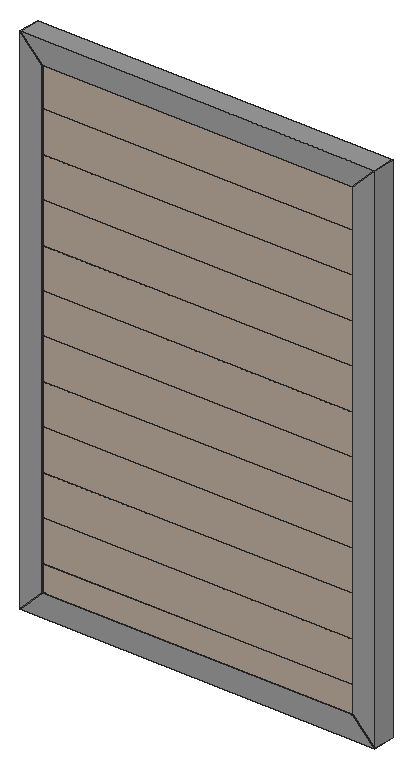
Revit family "Composite_Plank_Solid_Panel", category Specialty Equipment, Revit 2026
Family settings
  Round Connector Dimension = Use Diameter
  Part Type = Normal
  Classification Number = 23.55.00.00
  Work Plane-Based = No
  Enable Cutting in Views = No
  Always vertical = No
  Cut with Voids When Loaded = No
  Maintain Annotation Orientation = No
  Shared = No
  Room Calculation Point = No
Parameters (values of type "Assembly")
  Width [instance] = if(Desired Overall Width < C Min Width, C Min Width, if(Desired Overall Width > C Max Width, C Max Width, Desired Overall Width))  # 4' - 0"
  Warranty URL = "https://palmshieldlouvers.com/wp-content/uploads/2020/01/PalmSHIELD-Warranty-NO-SIGN-LINE.pdf"
  Version = "2020 - v1.0a"  # constant formula
  URL = "https://palmshieldlouvers.com/"
  Product Page URL = "https://palmshieldlouvers.com/products/augustus-solid/"
  Product Documentation Link = "https://palmshieldlouvers.com/wp-content/uploads/2020/05/PalmSHIELD-Solid-Composite-Technical-Data-Sheet.pdf"
  Offset From Surface = 0' - 2"  # constant formula
  Model = "Augustus - Composite"  # constant formula
  Material = Metal - PalmSHIELD - Dusty Grey
  Manufacturer Phone Number = "531-329-4406 "  # constant formula
  Manufacturer Email = "mailto: info@palmshieldlouvers.com"
  Manufacturer Address = "12330 Cary Circle, La Vista, NE 68128"  # constant formula
  Manufacturer = "PalmSHIELD"  # constant formula
  Louver Finish = Metal - PalmSHIELD - Grey Beige
  Keynote = "05 10 00"
  Instruction Sheet Link = "https://palmshieldlouvers.com/wp-content/uploads/2020/01/PalmSHIELD-Post-Panel-Gate-Installation-Instructions-REV-1.pdf"
  ID [instance] = "Not Assigned"
  Height [instance] = if(Desired Overall Height < C Min Height, C Min Height, if(Desired Overall Height > C Max Height, C Max Height, Desired Overall Height))  # 6' - 0"
  Desired Overall Width [instance] = 4' - 0"
  Desired Overall Height [instance] = 6' - 0"
  Desired Bottom Angle [instance] = 0.00°
  Description = "Augustus - Composite - Panel Assembly"  # constant formula
  Default Elevation = 0' - 0"
  Copyright = "Copyright ©2024 The American Fence Company and PalmSHIELD. All Rights Reserved."  # constant formula
  Component Vis [instance] = yes
  Component Name [instance] = "Augustus - Composite - Panel Assembly"  # constant formula
  C Min Width [instance] = 4' - 0"  # constant formula
  C Min Height [instance] = C Min Width  # 4' - 0"
  C Max Width [instance] = 6' - 0"  # constant formula
  C Max Height [instance] = 8' - 0"  # constant formula
  C Angle [instance] = if(Desired Bottom Angle > 10.00°, 10.00°, if(Desired Bottom Angle < -10.00°, -10.00°, Desired Bottom Angle))  # 0.00°
  Assembly Code = "F1020100"
Reference planes (in)
  plane 1 "Center (Front/Back)": y = 0
  plane 2: z = 0
  plane 3 "Center (Left/Right)": x = 0
  plane 4: z = 72
  plane 5: x = 48
  plane 6: y = 3
  plane 7: y = 1.5
Lines and regions (in)
  reference lines
    curve 1: line (48, 0, 96.95698) -> (48, 0, -11)
    curve 2: line (-20.8931, 0, 72) -> (71.1069, 0, 72)
Dimensions and locks (in)
  "Desired Overall Height": curve 2 to level
  "Desired Overall Width": curve 1 to plane 3 "Center (Left/Right)"
  "Height": plane 4 to level
  "Width": plane 5 to plane 3 "Center (Left/Right)"
  equal spacing: plane 1 "Center (Front/Back)", plane 7, plane 6
  aligned and locked: plane 2 to level
Automatic sketch dimensions
  curve 2 to plane 3 "Center (Left/Right)" = 1' - 8.8931"
  plane 5 to curve 2 = 1' - 11.1069"
  curve 1 to level = 0' - 11"
  plane 4 to curve 1 = 2' - 0.95698"
Nested families (in)
  nested 1: "Screening-Louver-Assembly-Panel-Palmshield-Augustus-Composite" at (0, 0, 0), Desired Overall Height <- "Desired Overall Height", Desired Overall Width <- "Desired Overall Width", ID <- "ID", Component Vis <- "Component Vis", type "Assembly"
    with Width 4' - 0", Louver Length 3' - 8", ID "Not Assigned", Height 6' - 0", Desired Overall Width 4' - 0", Desired Overall Height 6' - 0", Desired Bottom Angle 0.00°, Component Vis yes, Component Name "Tiberius - Composite - Panel Assembly", C Top Post Length 4' - 0", C Straight Corner Angle 45.00°, C Slope Angle Neg 0.00°, C Slope Angle 0.00°, C Side Frame Width 0' - 3", C Side Adjustment 0' - 0", C Rib Thickness Bottom Offset 0' - 0 1/4", C Rib Bottom Side Offset 0' - 0", C Louver Offset 0' - 3", C Louver Count 12, C Infill Angle Width Right 0' - 0", C Infill Angle Width Left 0' - 1", C Infill Angle Offset 0' - 0 1/4", C Hip 4' - 0", C Frame Offset 0' - 2", C Corner Offset 0' - 0", C B-Side Post Length 6' - 0", C B-Side Angle 45.00°, C Angle 90.00°, C A-Side Post Length 6' - 0", C A-Side Angle 45.00°
  nested 2: "Nested-L_Frame-Palmshield-Augustus" at (0, 0, 72) x (0, 1, 0) z (1, 0, 0), type "ALUM L 3" X 3" X 1/4""
    with Material Metal - PalmSHIELD - Dusty Grey, Length 5' - 10", ID "Not Assigned", Component Name "Augustus - Aluminum - L Frame", B-Side Cut Angle 45.00°, A-Side Cut Angle 45.00°
  nested 3: "Nested-L_Frame-Palmshield-Augustus" at (48, 0, 2) x (0, 1, 0) z (-1, 0, 0), type "ALUM L 3" X 3" X 1/4""
    with Material Metal - PalmSHIELD - Dusty Grey, Length 5' - 10", ID "Not Assigned", Component Name "Augustus - Aluminum - L Frame", B-Side Cut Angle 45.00°, A-Side Cut Angle 45.00°
  nested 4: "Nested-L_Frame-Palmshield-Augustus" at (48, 0, 72) x (0, 1, 0) z (0, 0, -1), type "ALUM L 3" X 3" X 1/4""
    with Material Metal - PalmSHIELD - Dusty Grey, Length 4' - 0", ID "Not Assigned", Component Name "Augustus - Aluminum - L Frame", B-Side Cut Angle 45.00°, A-Side Cut Angle 45.00°
  nested 5: "Nested-L_Frame-Palmshield-Augustus" at (0, 0, 2) x (0, 1, 0) z (0, 0, 1), type "ALUM L 3" X 3" X 1/4""
    with Material Metal - PalmSHIELD - Dusty Grey, Length 4' - 0", ID "Not Assigned", Component Name "Augustus - Aluminum - L Frame", B-Side Cut Angle 45.00°, A-Side Cut Angle 45.00°
  nested 6: "Nested-Louvers-Palmshield-Augustus-Composite" at (2, 1.19, 14.375) x (0, -1, 0) z (1, 0, 0), type "5 1/2" TREX TRANSCEND INFILL SLATS"
    with Real Height 0' - 5 7/8", Material Metal - PalmSHIELD - Grey Beige, Louver CIP Height 0' - 4 1/8", Length 3' - 8", ID "Not Assigned", Cut In Place no, Component Name "Augustus - Composite - Infill Slat"
  nested 7: "Nested-Louvers-Palmshield-Augustus-Composite" at (2, 1.19, 19.875) x (0, -1, 0) z (1, 0, 0), type "5 1/2" TREX TRANSCEND INFILL SLATS"
    with Real Height 0' - 5 7/8", Material Metal - PalmSHIELD - Grey Beige, Louver CIP Height 0' - 4 1/8", Length 3' - 8", ID "Not Assigned", Cut In Place no, Component Name "Augustus - Composite - Infill Slat"
  nested 8: "Nested-Louvers-Palmshield-Augustus-Composite" at (2, 1.19, 8.875) x (0, -1, 0) z (1, 0, 0), type "5 1/2" TREX TRANSCEND INFILL SLATS"
    with Real Height 0' - 5 7/8", Material Metal - PalmSHIELD - Grey Beige, Louver CIP Height 0' - 4 1/8", Length 3' - 8", ID "Not Assigned", Cut In Place no, Component Name "Augustus - Composite - Infill Slat"
  nested 9: "Nested-Louvers-Palmshield-Augustus-Composite" at (2, 1.19, 25.375) x (0, -1, 0) z (1, 0, 0), type "5 1/2" TREX TRANSCEND INFILL SLATS"
    with Real Height 0' - 5 7/8", Material Metal - PalmSHIELD - Grey Beige, Louver CIP Height 0' - 4 1/8", Length 3' - 8", ID "Not Assigned", Cut In Place no, Component Name "Augustus - Composite - Infill Slat"
  nested 10: "Nested-Louvers-Palmshield-Augustus-Composite" at (2, 1.19, 30.875) x (0, -1, 0) z (1, 0, 0), type "5 1/2" TREX TRANSCEND INFILL SLATS"
    with Real Height 0' - 5 7/8", Material Metal - PalmSHIELD - Grey Beige, Louver CIP Height 0' - 4 1/8", Length 3' - 8", ID "Not Assigned", Cut In Place no, Component Name "Augustus - Composite - Infill Slat"
  nested 11: "Nested-Louvers-Palmshield-Augustus-Composite" at (2, 1.19, 36.375) x (0, -1, 0) z (1, 0, 0), type "5 1/2" TREX TRANSCEND INFILL SLATS"
    with Real Height 0' - 5 7/8", Material Metal - PalmSHIELD - Grey Beige, Louver CIP Height 0' - 4 1/8", Length 3' - 8", ID "Not Assigned", Cut In Place no, Component Name "Augustus - Composite - Infill Slat"
  nested 12: "Nested-Louvers-Palmshield-Augustus-Composite" at (2, 1.19, 41.875) x (0, -1, 0) z (1, 0, 0), type "5 1/2" TREX TRANSCEND INFILL SLATS"
    with Real Height 0' - 5 7/8", Material Metal - PalmSHIELD - Grey Beige, Louver CIP Height 0' - 4 1/8", Length 3' - 8", ID "Not Assigned", Cut In Place no, Component Name "Augustus - Composite - Infill Slat"
  nested 13: "Nested-Louvers-Palmshield-Augustus-Composite" at (2, 1.19, 47.375) x (0, -1, 0) z (1, 0, 0), type "5 1/2" TREX TRANSCEND INFILL SLATS"
    with Real Height 0' - 5 7/8", Material Metal - PalmSHIELD - Grey Beige, Louver CIP Height 0' - 4 1/8", Length 3' - 8", ID "Not Assigned", Cut In Place no, Component Name "Augustus - Composite - Infill Slat"
  nested 14: "Nested-Louvers-Palmshield-Augustus-Composite" at (2, 1.19, 52.875) x (0, -1, 0) z (1, 0, 0), type "5 1/2" TREX TRANSCEND INFILL SLATS"
    with Real Height 0' - 5 7/8", Material Metal - PalmSHIELD - Grey Beige, Louver CIP Height 0' - 4 1/8", Length 3' - 8", ID "Not Assigned", Cut In Place no, Component Name "Augustus - Composite - Infill Slat"
  nested 15: "Nested-Louvers-Palmshield-Augustus-Composite" at (2, 1.19, 58.375) x (0, -1, 0) z (1, 0, 0), type "5 1/2" TREX TRANSCEND INFILL SLATS"
    with Real Height 0' - 5 7/8", Material Metal - PalmSHIELD - Grey Beige, Louver CIP Height 0' - 4 1/8", Length 3' - 8", ID "Not Assigned", Cut In Place no, Component Name "Augustus - Composite - Infill Slat"
  nested 16: "Nested-Louvers-Palmshield-Augustus-Composite" at (2, 1.19, 63.875) x (0, -1, 0) z (1, 0, 0), type "5 1/2" TREX TRANSCEND INFILL SLATS"
    with Real Height 0' - 5 7/8", Material Metal - PalmSHIELD - Grey Beige, Louver CIP Height 0' - 4 1/8", Length 3' - 8", ID "Not Assigned", Cut In Place no, Component Name "Augustus - Composite - Infill Slat"
  nested 17: "Nested-Louvers-Palmshield-Augustus-Composite" at (2, 1.19, 69.375) x (0, -1, 0) z (1, 0, 0), type "5 1/2" TREX TRANSCEND INFILL SLATS"
    with Real Height 0' - 5 7/8", Material Metal - PalmSHIELD - Grey Beige, Louver CIP Height 0' - 4 1/8", Length 3' - 8", ID "Not Assigned", Cut In Place no, Component Name "Augustus - Composite - Infill Slat"
  nested 18: "Nested-Flat_Bar_Infill Retainer-Augustus-Aluminum" at (46.75, 1.375, 2.25) x (-1, 0, 0) z (0, 0, 1), type "2" x 1/4""
    with Width 0' - 2", Thickness 0' - 0 1/4", Material Metal - PalmSHIELD - Dusty Grey, Length 5' - 9 1/2", ID "", Component Name "Augustus -Aluminum - Flat Bar Infill Retainer", C Angle B 0.00°, C Angle A 0.00°, A-Side Cut Angle 0.00°
  nested 19: "Nested-Flat_Bar_Infill Retainer-Augustus-Aluminum" at (1.25, 1.375, 2.25), type "2" x 1/4""
    with Width 0' - 2", Thickness 0' - 0 1/4", Material Metal - PalmSHIELD - Dusty Grey, Length 5' - 9 1/2", ID "", Component Name "Augustus -Aluminum - Flat Bar Infill Retainer", C Angle B 0.00°, C Angle A 0.00°, A-Side Cut Angle 0.00°
Definition of nested family "Nested-L_Frame-Palmshield-Augustus"
  Parameters (values of type "ALUM L 3" X 3" X 1/4"")
    Width = 0' - 3"  # constant formula
    Warranty URL = "https://palmshieldlouvers.com/wp-content/uploads/2020/01/PalmSHIELD-Warranty-NO-SIGN-LINE.pdf"
    Version = "2020 - v1.0a"  # constant formula
    URL = "https://palmshieldlouvers.com/"
    Thickness = 0' - 0 1/4"  # constant formula
    Product Page URL = "https://palmshieldlouvers.com/products/semi-private-screening/"
    Product Documentation Link = "Contact Manufacturer for More Information"
    Model = "Augustus"  # constant formula
    Material [instance] = none
    Manufacturer Phone Number = "531-329-4406 "  # constant formula
    Manufacturer Fax Number = "Consult Manufacturer Website for More Information"  # constant formula
    Manufacturer Email = "mailto: info@palmshieldlouvers.com"
    Manufacturer Address = "12330 Cary Circle, La Vista, NE 68128"  # constant formula
    Manufacturer = "PalmSHIELD"  # constant formula
    Length [instance] = 4' - 4.86713"
    Keynote = "05 10 00"
    Instruction Sheet Link = "Contact Manufacturer for More Information"
    ID [instance] = ""
    Description = "Augustus - L Frame"  # constant formula
    Default Elevation = 4' - 0"
    Copyright = "Copyright ©2024 The American Fence Company and PalmSHIELD. All Rights Reserved."  # constant formula
    Component Name [instance] = "Augustus - Aluminum - L Frame"  # constant formula
    C Hole Offset = 0' - 1 1/2"  # constant formula
    B-Side Cut Angle [instance] = 45.00°
    Assembly Code = "F1020100"
    A-Side Cut Angle [instance] = 45.00°
  Reference planes (in)
    plane 1 "Center (Front/Back)": y = 0
    plane 2: z = 0
    plane 3 "Center (Left/Right)": x = 0
    plane 4: x = 3
    plane 5: y = -52.86713
    plane 6: z = 3
  Forms (in)
    Extrusion 1, solid
      sketch origin (0, 0, 0) x (1, 0, 0) y (0, 1, 0)
        loop
          line (-48, 48) -> (-48, -48) -> (48, -48) -> (48, 48) -> (-48, 48)
      from 0 to -12
    Sweep 2, solid, material <- "Material"
      path origin (0, 0, 0) x (0, 1, 0) y (0, 0, 1)
        loop
          line (0, 0) -> (-52.86713, 0)
      profile "Profile-Palmshield-L : AL L3" X 3" X 1/4" - 6061-T6" origin (0, -26.43357, 0) x (0, 0, -1) y (1, 0, 0)
        loop
          line (-0.3125, 0.25) -> (-2.875, 0.25)
          arc (-2.875, 0.25) -> (-2.96339, 0.21339) -> (-3, 0.125) r 0.125
          line (-3, 0.125) -> (-3, 0) -> (0, 0) -> (0, 3) -> (-0.125, 3)
          arc (-0.125, 3) -> (-0.21339, 2.96339) -> (-0.25, 2.875) r 0.125
          line (-0.25, 2.875) -> (-0.25, 0.3125)
          arc (-0.25, 0.3125) -> (-0.26831, 0.26831) -> (-0.3125, 0.25) r 0.0625
    Extrusion 3, void
      sketch origin (0, 0, 0) x (0, 1, 0) y (0, 0, 1)
        loop
          line (-3, 3) -> (0, 0) -> (4.7449, 0) -> (4.7449, 3) -> (-3, 3)
        loop
          line (-57.61203, 3) -> (-57.61203, 0) -> (-52.86713, 0) -> (-49.86713, 3) -> (-57.61203, 3)
      from 0 to 3
  Cuts and joins
    Extrusion 3 cuts Sweep 2
  Dimensions and locks (in)
    "Width": plane 3 "Center (Left/Right)" to plane 4
    "Length": plane 1 "Center (Front/Back)" to plane 5
    "Width": plane 6 to plane 2
    locked: Extrusion 3 sketch curve to plane 1 "Center (Front/Back)" at 4.7449
    locked: plane 5 to Extrusion 3 sketch curve at 4.7449
    "B-Side Cut Angle": angle Extrusion 3 sketch curve to plane 1 "Center (Front/Back)"
    "A-Side Cut Angle": angle plane 5 to Extrusion 3 sketch curve
    aligned and locked: plane 2 to Extrusion 1
    aligned and locked: level to Extrusion 1
    aligned and locked: plane 1 "Center (Front/Back)" to Sweep 2 sketch curve
    aligned and locked: plane 5 to Sweep 2 sketch curve
    aligned and locked: Extrusion 3 sketch curve to plane 6
    aligned and locked: level to Extrusion 3 sketch curve
    aligned and locked: plane 6 to Extrusion 3 sketch curve
    aligned and locked: Extrusion 3 sketch curve to plane 2
    aligned and locked: plane 1 "Center (Front/Back)" to Extrusion 3 sketch curve
    aligned and locked: plane 2 to Extrusion 3 sketch curve
    aligned and locked: plane 5 to Extrusion 3 sketch curve
    aligned and locked: Extrusion 3 to plane 3 "Center (Left/Right)"
    aligned and locked: Extrusion 3 to plane 4
  Automatic sketch dimensions
    Extrusion 1 sketch curve to Extrusion 1 sketch curve = 8' - 0"  (x2)
    Sweep 2 sketch curve to level = 0' - 0"
Definition of nested family "Nested-Louvers-Palmshield-Augustus-Composite"
  Parameters (values of type "5 1/2" TREX TRANSCEND INFILL SLATS")
    Width = 0' - 5 1/2"  # constant formula
    Warranty URL = "https://palmshieldlouvers.com/wp-content/uploads/2020/01/PalmSHIELD-Warranty-NO-SIGN-LINE.pdf"
    Version = "2020 - v1.0a"  # constant formula
    URL = "https://palmshieldlouvers.com/"
    Thickness = 0' - 0 15/16"  # constant formula
    Real Height [instance] = if(not(Cut In Place), 0' 5 7/8", Louver CIP Height)  # 0' - 5 7/8"
    Product Page URL = "Contact Manufacturer for More Information"
    Product Documentation Link = "Contact Manufacturer for More Information"
    Model = "Augustus - Composite"  # constant formula
    Material [instance] = none
    Manufacturer Phone Number = "531-329-4406 "  # constant formula
    Manufacturer Fax Number = "Consult Manufacturer Website for More Information"  # constant formula
    Manufacturer Email = "mailto: info@palmshieldlouvers.com"
    Manufacturer Address = "12330 Cary Circle, La Vista, NE 68128"  # constant formula
    Manufacturer = "PalmSHIELD"  # constant formula
    Louver CIP Height [instance] = 0' - 4 1/8"
    Length [instance] = 4' - 4.86713"
    Keynote = "05 10 00"
    ID [instance] = ""
    Description = "Augustus - Composite - Infill Slat"  # constant formula
    Default Elevation = 4' - 0"
    Cut In Place [instance] = no
    Copyright = "©2023 The American Fence Company and PalmSHIELD. All Rights Reserved."  # constant formula
    Component Name [instance] = "Augustus - Composite - Infill Slat"  # constant formula
    Assembly Code = "F1020100"
  Reference planes (in)
    plane 1 "Center (Front/Back)": y = 0
    plane 2: z = 0
    plane 3 "Center (Left/Right)": x = 0
    plane 4: z = 52.86713
    plane 5: y = 5.5
    plane 6: y = 5.875
  Forms (in)
    Extrusion 1, solid
      sketch origin (0, 0, 0) x (1, 0, 0) y (0, 1, 0)
        loop
          line (-48, 48) -> (-48, -48) -> (48, -48) -> (48, 48) -> (-48, 48)
      from 0 to -12
    Sweep 2, solid, material <- "Material"
      path origin (0, 0, 0) x (0, 1, 0) y (0, 0, 1)
        loop
          line (0, 0) -> (0, 52.86713)
      profile "Profile-Palmshield-Louver : TREX TRANSCEND INFILL SLATS" origin (0, 0, 26.43357) x (0, -1, 0) y (1, 0, 0)
        loop
          line (-0.375, 0.94) -> (-5.875, 0.94) -> (-5.875, 0.6575) -> (-5.5, 0.6575) -> (-5.5, 0.2825) -> (-5.875, 0.2825) -> (-5.875, 0) -> (-0.375, 0) -> (-0.375, 0.2825) -> (0, 0.2825) -> (0, 0.6575) -> (-0.375, 0.6575) -> (-0.375, 0.94)
    Extrusion 3, void
      sketch origin (0, 0, 0) x (1, 0, 0) y (0, 1, 0)
        loop
          line (-1.1704, -0.5) -> (2.8296, -0.5) -> (2.8296, 0) -> (-1.1704, 0) -> (-1.1704, -0.5)
      from 0 to 52.86713
  Cuts and joins
    Extrusion 3 cuts Sweep 2
  Dimensions and locks (in)
    "Length": plane 4 to plane 2
    "Width": plane 5 to plane 1 "Center (Front/Back)"
    locked: Extrusion 3 sketch curve to plane 1 "Center (Front/Back)" at 0.5
    "Real Height": Extrusion 3 sketch curve to plane 6
    aligned and locked: plane 2 to Extrusion 1
    aligned and locked: level to Extrusion 1
    aligned and locked: plane 1 "Center (Front/Back)" to Sweep 2 sketch curve
    aligned and locked: plane 4 to Sweep 2 sketch curve
    aligned and locked: Extrusion 3 to Sweep 2
    aligned and locked: Extrusion 3 to level
  Automatic sketch dimensions
    Extrusion 1 sketch curve to Extrusion 1 sketch curve = 8' - 0"  (x2)
    Sweep 2 sketch curve to level = 0' - 0"
    Extrusion 3 sketch curve to plane 3 "Center (Left/Right)" = 0' - 1.1704"
    plane 3 "Center (Left/Right)" to Extrusion 3 sketch curve = 0' - 2.8296"
Definition of nested family "Nested-Flat_Bar_Infill Retainer-Augustus-Aluminum"
  Parameters (values of type "2" x 1/4"")
    Width [instance] = 0' - 2"  # constant formula
    Warranty URL = "https://palmshieldlouvers.com/wp-content/uploads/2020/01/PalmSHIELD-Warranty-NO-SIGN-LINE.pdf"
    Version = "2020 - v1.0a"  # constant formula
    URL = "https://palmshieldlouvers.com/"
    Thickness [instance] = 0' - 0 1/4"  # constant formula
    Product Page URL = "https://palmshieldlouvers.com/products/louvers/#atlas"
    Product Documentation Link = "Contact Manufacturer for More Information"
    Model = "Augustus - Aluminum"  # constant formula
    Material [instance] = none
    Manufacturer Phone Number = "531-329-4406 "  # constant formula
    Manufacturer Fax Number = "Consult Manufacturer Website for More Information"  # constant formula
    Manufacturer Email = "mailto: info@palmshieldlouvers.com"
    Manufacturer Address = "12330 Cary Circle, La Vista, NE 68128"  # constant formula
    Manufacturer = "PalmSHIELD"  # constant formula
    Length [instance] = 4' - 4.86713"
    Keynote = "05 10 00"
    Instruction Sheet Link = "Contact Manufacturer for More Information"
    ID [instance] = ""
    Description = "Augustus - Aluminum - Flat Bar Infill Retainer"  # constant formula
    Default Elevation = 4' - 0"
    Copyright = "Copyright ©2024 The American Fence Company and PalmSHIELD. All Rights Reserved."  # constant formula
    Component Name [instance] = "Augustus -Aluminum - Flat Bar Infill Retainer"  # constant formula
    C Angle B [instance] = if([A-Side Cut Angle] > 0.00°, [A-Side Cut Angle], 0.00°)  # 25.00°
    C Angle A [instance] = if([A-Side Cut Angle] < 0.00°, -[A-Side Cut Angle], 0.00°)  # 0.00°
    Assembly Code = "F1020100"
    A-Side Cut Angle [instance] = 25.00°
  Reference planes (in)
    plane 1 "Center (Front/Back)": y = 0
    plane 2: z = 0
    plane 3 "Center (Left/Right)": x = 0
    plane 4: z = 52.86713
    plane 5: x = 1
    plane 6: x = -1
  Forms (in)
    Extrusion 1, solid
      sketch origin (0, 0, 0) x (1, 0, 0) y (0, 1, 0)
        loop
          line (-48, 48) -> (-48, -48) -> (48, -48) -> (48, 48) -> (-48, 48)
      from 0 to -12
    Sweep 2, solid, material <- "Material"
      path origin (0, 0, 0) x (0, 1, 0) y (0, 0, 1)
        loop
          line (0, -0.72445) -> (0, 52.86713)
      profile "Profile-Palmshield-Flat Bar Infill Retainer : 2" x 1/4"" origin (0, 0, 26.07134) x (0, -1, 0) y (1, 0, 0)
        loop
          line (-0.25, -1) -> (0, -1) -> (0, 1) -> (-0.25, 1) -> (-0.25, -1)
    Extrusion 3, void
      sketch origin (0, 0, 0) x (1, 0, 0) y (0, 0, 1)
        loop
          line (1, 0) -> (-20.33743, 0) -> (-20.33743, -5) -> (1, -5) -> (1, 0)
      from -4.89794 to 5.53781
    Extrusion 4, void
      sketch origin (0, 0, 0) x (-1, 0, 0) y (0, 0, -1)
        loop
          line (1, 0) -> (1, 5) -> (-20.33743, 5) -> (-20.33743, -9.9498) -> (1, 0)
      from -9.92538 to 12
  Cuts and joins
    Extrusion 3, Extrusion 4 cuts Sweep 2
  Dimensions and locks (in)
    "Length": plane 4 to plane 2
    equal spacing: plane 5, plane 3 "Center (Left/Right)", plane 6
    "Width": plane 5 to plane 6
    locked: Extrusion 1 to Sweep 2 sketch curve at 0.72445
    "C Angle A": angle Extrusion 3 sketch curve to plane 2
    "C Angle B": angle plane 2 to Extrusion 4 sketch curve
    aligned and locked: plane 2 to Extrusion 1
    aligned and locked: level to Extrusion 1
    aligned and locked: plane 1 "Center (Front/Back)" to Sweep 2 sketch curve
    aligned and locked: plane 4 to Sweep 2 sketch curve
    aligned and locked: plane 5 to Extrusion 3 sketch curve
    aligned and locked: plane 2 to Extrusion 3 sketch curve
    aligned and locked: plane 6 to Extrusion 4 sketch curve
    aligned and locked: plane 2 to Extrusion 4 sketch curve
  Automatic sketch dimensions
    Extrusion 1 sketch curve to Extrusion 1 sketch curve = 8' - 0"  (x2)
    Extrusion 3 sketch curve to level = 0' - 5"
    Extrusion 3 sketch curve to plane 6 = 1' - 7.33743"
    level to Extrusion 4 sketch curve = 0' - 5"
    Extrusion 4 sketch curve to plane 5 = 1' - 7.33743"
Definition of nested family "Screening-Louver-Assembly-Panel-Palmshield-Augustus-Composite"
  Parameters (values of type "Assembly")
    Width [instance] = if(Desired Overall Width < 3' 0", 3' 0", if(Desired Overall Width > 6' 0", 6' 0", Desired Overall Width))  # 4' - 0"
    Warranty URL = "https://palmshieldlouvers.com/wp-content/uploads/2020/01/PalmSHIELD-Warranty-NO-SIGN-LINE.pdf"
    Version = "2020 - v1.0a"  # constant formula
    URL = "https://palmshieldlouvers.com/"
    Offset From Surface = 0' - 2"  # constant formula
    Material = none
    Louver Separation = 0' - 0"  # constant formula
    Product Page URL = "https://palmshieldlouvers.com/palmshield_resources/augustus-composite-solid-screening/"
    Product Documentation Link = "https://palmshieldlouvers.com/wp-content/uploads/2020/06/PS-SOLID-COMPOSITE-compressed.pdf"
    Model = "Augustus - Composite - Panel Assembly"  # constant formula
    Manufacturer Phone Number = "531-329-4406 "  # constant formula
    Manufacturer Fax Number = "Consult Manufacturer Website for More Information"  # constant formula
    Manufacturer Email = "mailto: info@palmshieldlouvers.com"
    Manufacturer Address = "12330 Cary Circle, La Vista, NE 68128"  # constant formula
    Manufacturer = "PalmSHIELD"  # constant formula
    Louver Length [instance] = Width - 2 * C Frame Offset  # 3' - 8"
    Louver Finish = none
    Keynote = "05 10 00"
    Instruction Sheet Link = "http://palmshieldlouvers.com/wp-content/uploads/2020/01/PalmSHIELD-Post-Panel-Gate-Installation-Instructions-REV-1.pdf"
    ID [instance] = "Not Assigned"
    Height [instance] = if(Desired Overall Height < 3' 0", 3' 0", if(Desired Overall Height > 8' 0", 8' 0", Desired Overall Height))  # 6' - 0"
    Frame Width = 0' - 3"  # constant formula
    Frame Thickness = 0' - 0 1/4"  # constant formula
    Desired Overall Width [instance] = 4' - 0"
    Desired Overall Height [instance] = 6' - 0"
    Description = "Tiberius - Composite - Panel Assembly"  # constant formula
    Default Elevation = 0' - 0"
    Copyright = "Copyright ©2024 The American Fence Company and PalmSHIELD. All Rights Reserved."  # constant formula
    Component Vis [instance] = yes
    Component Name [instance] = "Tiberius - Composite - Panel Assembly"  # constant formula
    C Top Post Length [instance] = Width  # 4' - 0"
    C Straight Corner Angle [instance] = 45.00°  # constant formula
    C Slope Angle Neg [instance] = -1 * C Slope Angle  # 0.00°
    C Slope Angle [instance] = if(Desired Bottom Angle < -25.00°, 25.00°, if(Desired Bottom Angle > 25.00°, 25.00°, Desired Bottom Angle))  # 0.00°
    C Side Frame Width [instance] = Frame Width  # 0' - 3"
    C Rib Thickness Bottom Offset [instance] = Frame Thickness * cos(C Slope Angle)  # 0' - 0 1/4"
    C Rib Bottom Side Offset [instance] = if(C Slope Angle < 0.00°, -Frame Thickness * sin(C Slope Angle), Frame Thickness * sin(C Slope Angle))  # 0' - 0"
    C Louver Separation = 0' - 1"  # constant formula
    C Louver Overlap = 0' - 1"  # constant formula
    C Louver Offset [instance] = if(C Slope Angle > 0.00°, (Height - C Corner Offset - (C Louver Count * C Louver Height)) / 2, (Height - (C Louver Count * C Louver Height)) / 2)  # 0' - 3"
    C Louver Height = 0' - 5 1/2"  # constant formula
    C Louver Count [instance] = if(C Slope Angle > 0.00°, rounddown((Height + 2 * C Louver Overlap - C Corner Offset - 2 * Frame Width - C Corner Offset) / (C Louver Height)), rounddown((Height + 2 * C Louver Overlap - 2 * Frame Width - C Corner Offset) / (C Louver Height)))  # 12
    C Infill Retainer Back Offset = 0' - 1 3/8"  # constant formula
    C Infill Angle Width Right [instance] = if(C Slope Angle > 0.00°, C Infill Angle Width, 0' 0")  # 0' - 0"
    C Infill Angle Width Left [instance] = if(C Infill Angle Width Right = 0' 0", C Infill Angle Width, 0' 0")  # 0' - 1"
    C Infill Angle Width = 0' - 1"  # constant formula
    C Infill Angle Offset Side = Frame Thickness  # 0' - 0 1/4"
    C Infill Angle Offset [instance] = (Frame Thickness * sin(C Slope Angle) * tan(C Slope Angle)) + (Frame Thickness * cos(C Slope Angle))  # 0' - 0 1/4"
    C Hip [instance] = Width / cos(C Slope Angle)  # 4' - 0"
    C Side Adjustment [instance] = -C Hip * sin(C Slope Angle)  # 0' - 0"
    C Frame Offset [instance] = C Side Frame Width - 0' 1"  # 0' - 2"
    C Corner Offset [instance] = if(C Slope Angle > 0.00°, (Width / cos(C Slope Angle)) * sin(C Slope Angle), 0' 0")  # 0' - 0"
    C B-Side Post Length [instance] = Height + C Side Adjustment  # 6' - 0"
    C B-Side Angle [instance] = (90.00° - C Slope Angle) / 2  # 45.00°
    C Angle [instance] = if(C Slope Angle < -25.00°, 90.00° - 25.00°, if(C Slope Angle > 25.00°, 90.00° + 25.00°, 90.00° - C Slope Angle))  # 90.00°
    Desired Bottom Angle [instance] = 0.00°
    C A-Side Post Length [instance] = Height  # 6' - 0"
    C A-Side Angle [instance] = (90.00° + C Slope Angle) / 2  # 45.00°
    Assembly Code = "F1020100"
  Reference planes (in)
    plane 1 "Center (Front/Back)": y = 0
    plane 2: z = 0
    plane 3 "Center (Left/Right)": x = 0
    plane 4 "Top": z = 72
    plane 5 "Side B": x = 48
    plane 6: z = 2
    plane 7: x = 0.25
    plane 8: x = 47.75
    plane 9: y = 0.25
    plane 10: y = 3
    plane 11: z = 71.75
    plane 12: z = 2.25
    plane 13: x = 0
    plane 14: x = 2
    plane 15: x = 46
    plane 16: x = 0.25
    plane 17: x = 47.75
    plane 18: x = 47.75
    plane 19: x = 1.25
    plane 20: y = 1.625
    plane 21: z = 2
    plane 22: z = 5
    plane 23: z = 69
    plane 24: z = 63.5
  Forms (in)
    Extrusion 1, solid
      sketch origin (0, 0, 0) x (1, 0, 0) y (0, 1, 0)
        loop
          line (-48, 48) -> (-48, -48) -> (88.86286, -48) -> (88.86286, 48) -> (-48, 48)
      from 0 to -12
  Lines and regions (in)
    reference lines
      curve 1: line (0, 0, 2) -> (84, 0, 2)
      curve 2: line (-20.50465, 0, 0.08297) -> (48, 0, 0.08297)
      curve 3: line (-33.80769, 0, 72) -> (85.15355, 0, 72)
      curve 4: line (48, 0, 102.96526) -> (48, 0, 1.9497)
      curve 5: line (47.75, 0, 2) -> (45.38409, 0, 2)
      curve 6: line (47.75, 0, 2.25) -> (45.38409, 0, 2.25)
      curve 7: line (45.38409, 0, 2) -> (45.38409, 0, 2.25)
      curve 8: line (1.25, 0, 2) -> (-0.33727, 0, 2)
      curve 9: line (1.25, 0, 2.25) -> (-0.33727, 0, 2.25)
      curve 10: line (-0.33727, 0, 2.25) -> (-0.33727, 0, 2)
      curve 11: line (48, 0, 2) -> (46, 0, 2)
  Dimensions and locks (in)
    "Width": plane 5 "Side B" to plane 3 "Center (Left/Right)"
    "Offset From Surface": plane 6 to Extrusion 1
    "Frame Thickness": plane 7 to plane 3 "Center (Left/Right)"
    "Frame Thickness": plane 5 "Side B" to plane 8
    "Frame Thickness": plane 9 to plane 1 "Center (Front/Back)"
    plane 3 "Center (Left/Right)" to plane 5 "Side B" = 4' - 0"
    "Frame Thickness": plane 4 "Top" to plane 11
    "C Rib Thickness Bottom Offset": plane 12 to plane 6
    "C Rib Bottom Side Offset": plane 3 "Center (Left/Right)" to plane 13
    "Desired Overall Width": curve 4 to plane 3 "Center (Left/Right)"
    "C Frame Offset": plane 14 to plane 3 "Center (Left/Right)"
    equal spacing: curve 4, plane 15, plane 14
    "C Frame Offset": plane 5 "Side B" to plane 15
    "C Infill Angle Offset Side": plane 16 to plane 3 "Center (Left/Right)"
    "C Infill Angle Offset Side": plane 5 "Side B" to plane 17
    "C Infill Angle Offset": curve 6 to curve 5
    "C Infill Angle Width Right": plane 17 to plane 18
    locked: plane 18 to curve 7 at 2.36591
    "Frame Width": plane 10 to plane 1 "Center (Front/Back)"
    "C Infill Angle Width Left": plane 19 to plane 16
    "C Infill Angle Offset": curve 9 to curve 8
    "C Infill Retainer Back Offset": plane 10 to plane 20
    "C Corner Offset": plane 21 to plane 6
    "C Louver Offset": plane 22 to plane 21
    "C Louver Offset": plane 4 "Top" to plane 23
    locked: plane 16 to curve 10 at 0.58727
    "C Louver Height": plane 23 to plane 24
    equal spacing: group 1, group 2, group 3, group 4, group 5, group 6, group 7, group 8, group 9, group 10, group 11, group 12  (x2)
    equal spacing: group 12, group 11, group 10, group 9, group 8, group 7, group 6, group 5, group 4, group 3, group 2, group 1
    "Height": plane 4 "Top" to plane 2
    "Desired Overall Height": curve 3 to plane 2
    locked: plane 5 "Side B" to curve 11 at 2
    "C Angle": angle curve 1 to plane 3 "Center (Left/Right)"
    locked: plane 18 to curve 5 (angle 90.00°)
    locked: plane 5 "Side B" to curve 11 (angle 90.00°)
    aligned and locked: Extrusion 1 to plane 2
    aligned and locked: Extrusion 1 to level
    aligned and locked: plane 6 to curve 1
    aligned and locked: plane 3 "Center (Left/Right)" to curve 1
    aligned and locked: nested 1 to plane 1 "Center (Front/Back)"
    aligned and locked: nested 1 to plane 5 "Side B"
    aligned and locked: nested 1 to plane 3 "Center (Left/Right)"
    aligned and locked: nested 2 to plane 4 "Top"
    aligned and locked: nested 2 to plane 6
    aligned and locked: nested 2 to plane 1 "Center (Front/Back)"
    aligned and locked: plane 4 "Top" to nested 3
    aligned and locked: nested 3 to plane 1 "Center (Front/Back)"
    aligned and locked: nested 4 to plane 1 "Center (Front/Back)"
    aligned and locked: plane 18 to curve 5
    aligned and locked: plane 18 to curve 6
    aligned and locked: plane 17 to nested 6
    aligned and locked: plane 19 to curve 8
    aligned and locked: plane 19 to curve 9
    aligned and locked: plane 9 to nested 5
    aligned and locked: nested 6 to plane 20
    aligned and locked: plane 16 to nested 7
    aligned and locked: plane 11 to nested 7
    aligned and locked: nested 6 to plane 11
    aligned and locked: nested 7 to plane 20
    aligned and locked: plane 23 to nested 5
    aligned and locked: nested 8 to plane 24
    aligned and locked: plane 5 "Side B" to curve 11
    aligned and locked: nested 3 to curve 11
  Automatic sketch dimensions
    Extrusion 1 sketch curve to Extrusion 1 sketch curve = 11' - 4.86286"
    Extrusion 1 sketch curve to Extrusion 1 sketch curve = 8' - 0"
    level to curve 2 = 0' - 0.08297"
    curve 2 to curve 8 = 1' - 8.16738"
    curve 3 to plane 3 "Center (Left/Right)" = 2' - 9.80769"
    plane 5 "Side B" to curve 3 = 3' - 1.15355"
    curve 4 to plane 6 = 0' - 0.0503"
    plane 4 "Top" to curve 4 = 2' - 6.96526"
  Nested families (in)
    nested 1: "Nested-L_Frame-Palmshield-Augustus" at (48, 0, 72) x (0, 1, 0) z (0, 0, -1), ID <- "ID", Material <- "Material", A-Side Cut Angle <- "C Straight Corner Angle", B-Side Cut Angle <- "C Straight Corner Angle", visible <- "Component Vis", type "ALUM L 3" X 3" X 1/4""
      with Material none, Length 4' - 0", ID "Not Assigned", Component Name "Augustus - Aluminum - L Frame", B-Side Cut Angle 45.00°, A-Side Cut Angle 45.00°
    nested 2: "Nested-L_Frame-Palmshield-Augustus" at (0, 0, 72) x (0, 1, 0) z (1, 0, 0), ID <- "ID", Material <- "Material", B-Side Cut Angle <- "C Straight Corner Angle", A-Side Cut Angle <- "C A-Side Angle", visible <- "Component Vis", type "ALUM L 3" X 3" X 1/4""
      with Material none, Length 5' - 10", ID "Not Assigned", Component Name "Augustus - Aluminum - L Frame", B-Side Cut Angle 45.00°, A-Side Cut Angle 45.00°
    nested 3: "Nested-L_Frame-Palmshield-Augustus" at (48, 0, 2) x (0, 1, 0) z (-1, 0, 0), ID <- "ID", Material <- "Material", B-Side Cut Angle <- "C B-Side Angle", A-Side Cut Angle <- "C Straight Corner Angle", visible <- "Component Vis", type "ALUM L 3" X 3" X 1/4""
      with Material none, Length 5' - 10", ID "Not Assigned", Component Name "Augustus - Aluminum - L Frame", B-Side Cut Angle 45.00°, A-Side Cut Angle 45.00°
    nested 4: "Nested-L_Frame-Palmshield-Augustus" at (0, 0, 2) x (0, 1, 0) z (0, 0, 1), Length <- "C Hip", ID <- "ID", Material <- "Material", A-Side Cut Angle <- "C B-Side Angle", B-Side Cut Angle <- "C A-Side Angle", visible <- "Component Vis", type "ALUM L 3" X 3" X 1/4""
      with Material none, Length 4' - 0", ID "Not Assigned", Component Name "Augustus - Aluminum - L Frame", B-Side Cut Angle 45.00°, A-Side Cut Angle 45.00°
    nested 5: "Nested-Louvers-Palmshield-Augustus-Composite" at (2, 1.19, 69.375) x (0, -1, 0) z (1, 0, 0), Length <- "Louver Length", ID <- "ID", Material <- "Louver Finish", visible <- "Component Vis", type "5 1/2" TREX TRANSCEND INFILL SLATS"
      with Real Height 0' - 5 7/8", Material none, Louver CIP Height 0' - 4 1/8", Length 3' - 8", ID "Not Assigned", Cut In Place no, Component Name "Augustus - Composite - Infill Slat"
    nested 6: "Nested-Flat_Bar_Infill Retainer-Augustus-Aluminum" at (46.75, 1.375, 2.25) x (-1, 0, 0) z (0, 0, 1), A-Side Cut Angle <- "C Slope Angle Neg", Material <- "Material", visible <- "Component Vis", type "2" x 1/4""
      with Width 0' - 2", Thickness 0' - 0 1/4", Material none, Length 5' - 9 1/2", ID "", Component Name "Augustus -Aluminum - Flat Bar Infill Retainer", C Angle B 0.00°, C Angle A 0.00°, A-Side Cut Angle 0.00°
    nested 7: "Nested-Flat_Bar_Infill Retainer-Augustus-Aluminum" at (1.25, 1.375, 2.25), A-Side Cut Angle <- "C Slope Angle", Material <- "Material", visible <- "Component Vis", type "2" x 1/4""
      with Width 0' - 2", Thickness 0' - 0 1/4", Material none, Length 5' - 9 1/2", ID "", Component Name "Augustus -Aluminum - Flat Bar Infill Retainer", C Angle B 0.00°, C Angle A 0.00°, A-Side Cut Angle 0.00°
    nested 8: "Nested-Louvers-Palmshield-Augustus-Composite" at (2, 1.19, 63.875) x (0, -1, 0) z (1, 0, 0), Length <- "Louver Length", ID <- "ID", Material <- "Louver Finish", visible <- "Component Vis", type "5 1/2" TREX TRANSCEND INFILL SLATS"
      with Real Height 0' - 5 7/8", Material none, Louver CIP Height 0' - 4 1/8", Length 3' - 8", ID "Not Assigned", Cut In Place no, Component Name "Augustus - Composite - Infill Slat"
    nested 9: "Nested-Louvers-Palmshield-Augustus-Composite" at (2, 1.19, 58.375) x (0, -1, 0) z (1, 0, 0), Length <- "Louver Length", ID <- "ID", Material <- "Louver Finish", visible <- "Component Vis", type "5 1/2" TREX TRANSCEND INFILL SLATS"
      with Real Height 0' - 5 7/8", Material none, Louver CIP Height 0' - 4 1/8", Length 3' - 8", ID "Not Assigned", Cut In Place no, Component Name "Augustus - Composite - Infill Slat"
    nested 10: "Nested-Louvers-Palmshield-Augustus-Composite" at (2, 1.19, 52.875) x (0, -1, 0) z (1, 0, 0), Length <- "Louver Length", ID <- "ID", Material <- "Louver Finish", visible <- "Component Vis", type "5 1/2" TREX TRANSCEND INFILL SLATS"
      with Real Height 0' - 5 7/8", Material none, Louver CIP Height 0' - 4 1/8", Length 3' - 8", ID "Not Assigned", Cut In Place no, Component Name "Augustus - Composite - Infill Slat"
    nested 11: "Nested-Louvers-Palmshield-Augustus-Composite" at (2, 1.19, 47.375) x (0, -1, 0) z (1, 0, 0), Length <- "Louver Length", ID <- "ID", Material <- "Louver Finish", visible <- "Component Vis", type "5 1/2" TREX TRANSCEND INFILL SLATS"
      with Real Height 0' - 5 7/8", Material none, Louver CIP Height 0' - 4 1/8", Length 3' - 8", ID "Not Assigned", Cut In Place no, Component Name "Augustus - Composite - Infill Slat"
    nested 12: "Nested-Louvers-Palmshield-Augustus-Composite" at (2, 1.19, 41.875) x (0, -1, 0) z (1, 0, 0), Length <- "Louver Length", ID <- "ID", Material <- "Louver Finish", visible <- "Component Vis", type "5 1/2" TREX TRANSCEND INFILL SLATS"
      with Real Height 0' - 5 7/8", Material none, Louver CIP Height 0' - 4 1/8", Length 3' - 8", ID "Not Assigned", Cut In Place no, Component Name "Augustus - Composite - Infill Slat"
    nested 13: "Nested-Louvers-Palmshield-Augustus-Composite" at (2, 1.19, 36.375) x (0, -1, 0) z (1, 0, 0), Length <- "Louver Length", ID <- "ID", Material <- "Louver Finish", visible <- "Component Vis", type "5 1/2" TREX TRANSCEND INFILL SLATS"
      with Real Height 0' - 5 7/8", Material none, Louver CIP Height 0' - 4 1/8", Length 3' - 8", ID "Not Assigned", Cut In Place no, Component Name "Augustus - Composite - Infill Slat"
    nested 14: "Nested-Louvers-Palmshield-Augustus-Composite" at (2, 1.19, 30.875) x (0, -1, 0) z (1, 0, 0), Length <- "Louver Length", ID <- "ID", Material <- "Louver Finish", visible <- "Component Vis", type "5 1/2" TREX TRANSCEND INFILL SLATS"
      with Real Height 0' - 5 7/8", Material none, Louver CIP Height 0' - 4 1/8", Length 3' - 8", ID "Not Assigned", Cut In Place no, Component Name "Augustus - Composite - Infill Slat"
    nested 15: "Nested-Louvers-Palmshield-Augustus-Composite" at (2, 1.19, 25.375) x (0, -1, 0) z (1, 0, 0), Length <- "Louver Length", ID <- "ID", Material <- "Louver Finish", visible <- "Component Vis", type "5 1/2" TREX TRANSCEND INFILL SLATS"
      with Real Height 0' - 5 7/8", Material none, Louver CIP Height 0' - 4 1/8", Length 3' - 8", ID "Not Assigned", Cut In Place no, Component Name "Augustus - Composite - Infill Slat"
    nested 16: "Nested-Louvers-Palmshield-Augustus-Composite" at (2, 1.19, 19.875) x (0, -1, 0) z (1, 0, 0), Length <- "Louver Length", ID <- "ID", Material <- "Louver Finish", visible <- "Component Vis", type "5 1/2" TREX TRANSCEND INFILL SLATS"
      with Real Height 0' - 5 7/8", Material none, Louver CIP Height 0' - 4 1/8", Length 3' - 8", ID "Not Assigned", Cut In Place no, Component Name "Augustus - Composite - Infill Slat"
    nested 17: "Nested-Louvers-Palmshield-Augustus-Composite" at (2, 1.19, 14.375) x (0, -1, 0) z (1, 0, 0), Length <- "Louver Length", ID <- "ID", Material <- "Louver Finish", visible <- "Component Vis", type "5 1/2" TREX TRANSCEND INFILL SLATS"
      with Real Height 0' - 5 7/8", Material none, Louver CIP Height 0' - 4 1/8", Length 3' - 8", ID "Not Assigned", Cut In Place no, Component Name "Augustus - Composite - Infill Slat"
    nested 18: "Nested-Louvers-Palmshield-Augustus-Composite" at (2, 1.19, 8.875) x (0, -1, 0) z (1, 0, 0), Length <- "Louver Length", ID <- "ID", Material <- "Louver Finish", visible <- "Component Vis", type "5 1/2" TREX TRANSCEND INFILL SLATS"
      with Real Height 0' - 5 7/8", Material none, Louver CIP Height 0' - 4 1/8", Length 3' - 8", ID "Not Assigned", Cut In Place no, Component Name "Augustus - Composite - Infill Slat"
  Definition of nested family "Nested-L_Frame-Palmshield-Augustus"
    Parameters (values of type "ALUM L 3" X 3" X 1/4"")
      Width = 0' - 3"  # constant formula
      Warranty URL = "https://palmshieldlouvers.com/wp-content/uploads/2020/01/PalmSHIELD-Warranty-NO-SIGN-LINE.pdf"
      Version = "2020 - v1.0a"  # constant formula
      URL = "https://palmshieldlouvers.com/"
      Thickness = 0' - 0 1/4"  # constant formula
      Product Page URL = "https://palmshieldlouvers.com/products/semi-private-screening/"
      Product Documentation Link = "Contact Manufacturer for More Information"
      Model = "Augustus"  # constant formula
      Material [instance] = none
      Manufacturer Phone Number = "531-329-4406 "  # constant formula
      Manufacturer Fax Number = "Consult Manufacturer Website for More Information"  # constant formula
      Manufacturer Email = "mailto: info@palmshieldlouvers.com"
      Manufacturer Address = "12330 Cary Circle, La Vista, NE 68128"  # constant formula
      Manufacturer = "PalmSHIELD"  # constant formula
      Length [instance] = 4' - 4.86713"
      Keynote = "05 10 00"
      Instruction Sheet Link = "Contact Manufacturer for More Information"
      ID [instance] = ""
      Description = "Augustus - L Frame"  # constant formula
      Default Elevation = 4' - 0"
      Copyright = "Copyright ©2024 The American Fence Company and PalmSHIELD. All Rights Reserved."  # constant formula
      Component Name [instance] = "Augustus - Aluminum - L Frame"  # constant formula
      C Hole Offset = 0' - 1 1/2"  # constant formula
      B-Side Cut Angle [instance] = 45.00°
      Assembly Code = "F1020100"
      A-Side Cut Angle [instance] = 45.00°
    Reference planes (in)
      plane 1 "Center (Front/Back)": y = 0
      plane 2: z = 0
      plane 3 "Center (Left/Right)": x = 0
      plane 4: x = 3
      plane 5: y = -52.86713
      plane 6: z = 3
    Forms (in)
      Extrusion 1, solid
        sketch origin (0, 0, 0) x (1, 0, 0) y (0, 1, 0)
          loop
            line (-48, 48) -> (-48, -48) -> (48, -48) -> (48, 48) -> (-48, 48)
        from 0 to -12
      Sweep 2, solid, material <- "Material"
        path origin (0, 0, 0) x (0, 1, 0) y (0, 0, 1)
          loop
            line (0, 0) -> (-52.86713, 0)
        profile "Profile-Palmshield-L : AL L3" X 3" X 1/4" - 6061-T6" origin (0, -26.43357, 0) x (0, 0, -1) y (1, 0, 0)
          loop
            line (-0.3125, 0.25) -> (-2.875, 0.25)
            arc (-2.875, 0.25) -> (-2.96339, 0.21339) -> (-3, 0.125) r 0.125
            line (-3, 0.125) -> (-3, 0) -> (0, 0) -> (0, 3) -> (-0.125, 3)
            arc (-0.125, 3) -> (-0.21339, 2.96339) -> (-0.25, 2.875) r 0.125
            line (-0.25, 2.875) -> (-0.25, 0.3125)
            arc (-0.25, 0.3125) -> (-0.26831, 0.26831) -> (-0.3125, 0.25) r 0.0625
      Extrusion 3, void
        sketch origin (0, 0, 0) x (0, 1, 0) y (0, 0, 1)
          loop
            line (-3, 3) -> (0, 0) -> (4.7449, 0) -> (4.7449, 3) -> (-3, 3)
          loop
            line (-57.61203, 3) -> (-57.61203, 0) -> (-52.86713, 0) -> (-49.86713, 3) -> (-57.61203, 3)
        from 0 to 3
    Cuts and joins
      Extrusion 3 cuts Sweep 2
    Dimensions and locks (in)
      "Width": plane 3 "Center (Left/Right)" to plane 4
      "Length": plane 1 "Center (Front/Back)" to plane 5
      "Width": plane 6 to plane 2
      locked: Extrusion 3 sketch curve to plane 1 "Center (Front/Back)" at 4.7449
      locked: plane 5 to Extrusion 3 sketch curve at 4.7449
      "B-Side Cut Angle": angle Extrusion 3 sketch curve to plane 1 "Center (Front/Back)"
      "A-Side Cut Angle": angle plane 5 to Extrusion 3 sketch curve
      aligned and locked: plane 2 to Extrusion 1
      aligned and locked: level to Extrusion 1
      aligned and locked: plane 1 "Center (Front/Back)" to Sweep 2 sketch curve
      aligned and locked: plane 5 to Sweep 2 sketch curve
      aligned and locked: Extrusion 3 sketch curve to plane 6
      aligned and locked: level to Extrusion 3 sketch curve
      aligned and locked: plane 6 to Extrusion 3 sketch curve
      aligned and locked: Extrusion 3 sketch curve to plane 2
      aligned and locked: plane 1 "Center (Front/Back)" to Extrusion 3 sketch curve
      aligned and locked: plane 2 to Extrusion 3 sketch curve
      aligned and locked: plane 5 to Extrusion 3 sketch curve
      aligned and locked: Extrusion 3 to plane 3 "Center (Left/Right)"
      aligned and locked: Extrusion 3 to plane 4
    Automatic sketch dimensions
      Extrusion 1 sketch curve to Extrusion 1 sketch curve = 8' - 0"  (x2)
      Sweep 2 sketch curve to level = 0' - 0"
  Definition of nested family "Nested-Louvers-Palmshield-Augustus-Composite"
    Parameters (values of type "5 1/2" TREX TRANSCEND INFILL SLATS")
      Width = 0' - 5 1/2"  # constant formula
      Warranty URL = "https://palmshieldlouvers.com/wp-content/uploads/2020/01/PalmSHIELD-Warranty-NO-SIGN-LINE.pdf"
      Version = "2020 - v1.0a"  # constant formula
      URL = "https://palmshieldlouvers.com/"
      Thickness = 0' - 0 15/16"  # constant formula
      Real Height [instance] = if(not(Cut In Place), 0' 5 7/8", Louver CIP Height)  # 0' - 5 7/8"
      Product Page URL = "Contact Manufacturer for More Information"
      Product Documentation Link = "Contact Manufacturer for More Information"
      Model = "Augustus - Composite"  # constant formula
      Material [instance] = none
      Manufacturer Phone Number = "531-329-4406 "  # constant formula
      Manufacturer Fax Number = "Consult Manufacturer Website for More Information"  # constant formula
      Manufacturer Email = "mailto: info@palmshieldlouvers.com"
      Manufacturer Address = "12330 Cary Circle, La Vista, NE 68128"  # constant formula
      Manufacturer = "PalmSHIELD"  # constant formula
      Louver CIP Height [instance] = 0' - 4 1/8"
      Length [instance] = 4' - 4.86713"
      Keynote = "05 10 00"
      ID [instance] = ""
      Description = "Augustus - Composite - Infill Slat"  # constant formula
      Default Elevation = 4' - 0"
      Cut In Place [instance] = no
      Copyright = "©2023 The American Fence Company and PalmSHIELD. All Rights Reserved."  # constant formula
      Component Name [instance] = "Augustus - Composite - Infill Slat"  # constant formula
      Assembly Code = "F1020100"
    Reference planes (in)
      plane 1 "Center (Front/Back)": y = 0
      plane 2: z = 0
      plane 3 "Center (Left/Right)": x = 0
      plane 4: z = 52.86713
      plane 5: y = 5.5
      plane 6: y = 5.875
    Forms (in)
      Extrusion 1, solid
        sketch origin (0, 0, 0) x (1, 0, 0) y (0, 1, 0)
          loop
            line (-48, 48) -> (-48, -48) -> (48, -48) -> (48, 48) -> (-48, 48)
        from 0 to -12
      Sweep 2, solid, material <- "Material"
        path origin (0, 0, 0) x (0, 1, 0) y (0, 0, 1)
          loop
            line (0, 0) -> (0, 52.86713)
        profile "Profile-Palmshield-Louver : TREX TRANSCEND INFILL SLATS" origin (0, 0, 26.43357) x (0, -1, 0) y (1, 0, 0)
          loop
            line (-0.375, 0.94) -> (-5.875, 0.94) -> (-5.875, 0.6575) -> (-5.5, 0.6575) -> (-5.5, 0.2825) -> (-5.875, 0.2825) -> (-5.875, 0) -> (-0.375, 0) -> (-0.375, 0.2825) -> (0, 0.2825) -> (0, 0.6575) -> (-0.375, 0.6575) -> (-0.375, 0.94)
      Extrusion 3, void
        sketch origin (0, 0, 0) x (1, 0, 0) y (0, 1, 0)
          loop
            line (-1.1704, -0.5) -> (2.8296, -0.5) -> (2.8296, 0) -> (-1.1704, 0) -> (-1.1704, -0.5)
        from 0 to 52.86713
    Cuts and joins
      Extrusion 3 cuts Sweep 2
    Dimensions and locks (in)
      "Length": plane 4 to plane 2
      "Width": plane 5 to plane 1 "Center (Front/Back)"
      locked: Extrusion 3 sketch curve to plane 1 "Center (Front/Back)" at 0.5
      "Real Height": Extrusion 3 sketch curve to plane 6
      aligned and locked: plane 2 to Extrusion 1
      aligned and locked: level to Extrusion 1
      aligned and locked: plane 1 "Center (Front/Back)" to Sweep 2 sketch curve
      aligned and locked: plane 4 to Sweep 2 sketch curve
      aligned and locked: Extrusion 3 to Sweep 2
      aligned and locked: Extrusion 3 to level
    Automatic sketch dimensions
      Extrusion 1 sketch curve to Extrusion 1 sketch curve = 8' - 0"  (x2)
      Sweep 2 sketch curve to level = 0' - 0"
      Extrusion 3 sketch curve to plane 3 "Center (Left/Right)" = 0' - 1.1704"
      plane 3 "Center (Left/Right)" to Extrusion 3 sketch curve = 0' - 2.8296"
  Definition of nested family "Nested-Flat_Bar_Infill Retainer-Augustus-Aluminum"
    Parameters (values of type "2" x 1/4"")
      Width [instance] = 0' - 2"  # constant formula
      Warranty URL = "https://palmshieldlouvers.com/wp-content/uploads/2020/01/PalmSHIELD-Warranty-NO-SIGN-LINE.pdf"
      Version = "2020 - v1.0a"  # constant formula
      URL = "https://palmshieldlouvers.com/"
      Thickness [instance] = 0' - 0 1/4"  # constant formula
      Product Page URL = "https://palmshieldlouvers.com/products/louvers/#atlas"
      Product Documentation Link = "Contact Manufacturer for More Information"
      Model = "Augustus - Aluminum"  # constant formula
      Material [instance] = none
      Manufacturer Phone Number = "531-329-4406 "  # constant formula
      Manufacturer Fax Number = "Consult Manufacturer Website for More Information"  # constant formula
      Manufacturer Email = "mailto: info@palmshieldlouvers.com"
      Manufacturer Address = "12330 Cary Circle, La Vista, NE 68128"  # constant formula
      Manufacturer = "PalmSHIELD"  # constant formula
      Length [instance] = 4' - 4.86713"
      Keynote = "05 10 00"
      Instruction Sheet Link = "Contact Manufacturer for More Information"
      ID [instance] = ""
      Description = "Augustus - Aluminum - Flat Bar Infill Retainer"  # constant formula
      Default Elevation = 4' - 0"
      Copyright = "Copyright ©2024 The American Fence Company and PalmSHIELD. All Rights Reserved."  # constant formula
      Component Name [instance] = "Augustus -Aluminum - Flat Bar Infill Retainer"  # constant formula
      C Angle B [instance] = if([A-Side Cut Angle] > 0.00°, [A-Side Cut Angle], 0.00°)  # 25.00°
      C Angle A [instance] = if([A-Side Cut Angle] < 0.00°, -[A-Side Cut Angle], 0.00°)  # 0.00°
      Assembly Code = "F1020100"
      A-Side Cut Angle [instance] = 25.00°
    Reference planes (in)
      plane 1 "Center (Front/Back)": y = 0
      plane 2: z = 0
      plane 3 "Center (Left/Right)": x = 0
      plane 4: z = 52.86713
      plane 5: x = 1
      plane 6: x = -1
    Forms (in)
      Extrusion 1, solid
        sketch origin (0, 0, 0) x (1, 0, 0) y (0, 1, 0)
          loop
            line (-48, 48) -> (-48, -48) -> (48, -48) -> (48, 48) -> (-48, 48)
        from 0 to -12
      Sweep 2, solid, material <- "Material"
        path origin (0, 0, 0) x (0, 1, 0) y (0, 0, 1)
          loop
            line (0, -0.72445) -> (0, 52.86713)
        profile "Profile-Palmshield-Flat Bar Infill Retainer : 2" x 1/4"" origin (0, 0, 26.07134) x (0, -1, 0) y (1, 0, 0)
          loop
            line (-0.25, -1) -> (0, -1) -> (0, 1) -> (-0.25, 1) -> (-0.25, -1)
      Extrusion 3, void
        sketch origin (0, 0, 0) x (1, 0, 0) y (0, 0, 1)
          loop
            line (1, 0) -> (-20.33743, 0) -> (-20.33743, -5) -> (1, -5) -> (1, 0)
        from -4.89794 to 5.53781
      Extrusion 4, void
        sketch origin (0, 0, 0) x (-1, 0, 0) y (0, 0, -1)
          loop
            line (1, 0) -> (1, 5) -> (-20.33743, 5) -> (-20.33743, -9.9498) -> (1, 0)
        from -9.92538 to 12
    Cuts and joins
      Extrusion 3, Extrusion 4 cuts Sweep 2
    Dimensions and locks (in)
      "Length": plane 4 to plane 2
      equal spacing: plane 5, plane 3 "Center (Left/Right)", plane 6
      "Width": plane 5 to plane 6
      locked: Extrusion 1 to Sweep 2 sketch curve at 0.72445
      "C Angle A": angle Extrusion 3 sketch curve to plane 2
      "C Angle B": angle plane 2 to Extrusion 4 sketch curve
      aligned and locked: plane 2 to Extrusion 1
      aligned and locked: level to Extrusion 1
      aligned and locked: plane 1 "Center (Front/Back)" to Sweep 2 sketch curve
      aligned and locked: plane 4 to Sweep 2 sketch curve
      aligned and locked: plane 5 to Extrusion 3 sketch curve
      aligned and locked: plane 2 to Extrusion 3 sketch curve
      aligned and locked: plane 6 to Extrusion 4 sketch curve
      aligned and locked: plane 2 to Extrusion 4 sketch curve
    Automatic sketch dimensions
      Extrusion 1 sketch curve to Extrusion 1 sketch curve = 8' - 0"  (x2)
      Extrusion 3 sketch curve to level = 0' - 5"
      Extrusion 3 sketch curve to plane 6 = 1' - 7.33743"
      level to Extrusion 4 sketch curve = 0' - 5"
      Extrusion 4 sketch curve to plane 5 = 1' - 7.33743"
